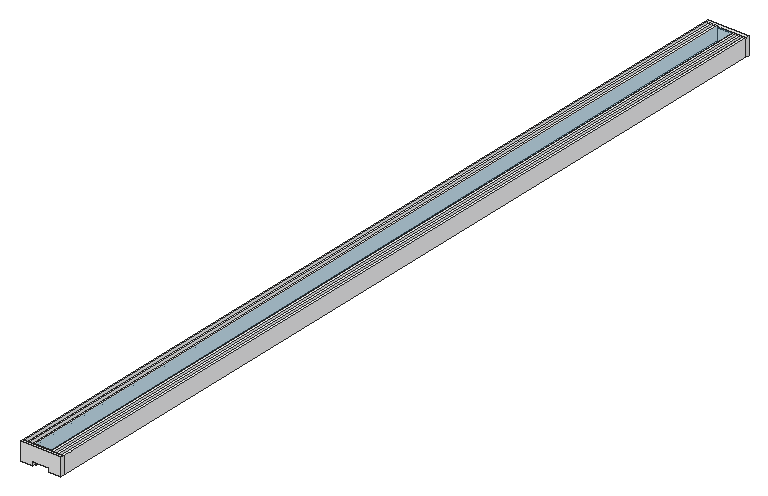
Revit family "LLED-LW-4RF", category Lighting Fixtures, Revit 2017
Family settings
  Round Connector Dimension = Use Diameter
  Part Type = Normal
  OmniClass Number = 23.80.70.00
  OmniClass Title = Lighting
  Work Plane-Based = Yes
  Always vertical = Yes
  Cut with Voids When Loaded = No
  Light Source = Yes
  Shared = No
  Room Calculation Point = No
Parameters (values of type "LLED-LW")
  Wattage = 9.2903 W
  built-in parameter 1150110 = 1 (stored number, unit not read)
  built-in parameter 1114217 = 1 (stored number, unit not read)
  Tilt Angle = 60.00°
  built-in parameter 1150109 = 1 (stored number, unit not read)
  built-in parameter 1150134 = 3
  built-in parameter 1150113 = 1 (stored number, unit not read)
  Photometric Web File = "generic"
  built-in parameter 1150142 = (empty or 0)
  built-in parameter 1150105 = 109.82 (stored number, unit not read)
  Lumens = 1380 lm
  built-in parameter 1150115 = 1 (stored number, unit not read)
  built-in parameter 1150137 = (empty or 0)
  built-in parameter 1150139 = (empty or 0)
  Length = 24.00"
  built-in parameter 1150112 = 1 (stored number, unit not read)
  built-in parameter 1150114 = 1 (stored number, unit not read)
  built-in parameter 1150132 = (empty or 0)
  built-in parameter 1150102 = (empty or 0)
  built-in parameter 1150107 = 3200 (stored number, unit not read)
  built-in parameter 1150138 = (empty or 0)
  built-in parameter 1150106 = 1.0982 (stored number, unit not read)
  Fixture Cap = Fixture Cap
  Fixture = Fixture
  Emit from Line Length = Length  # 24.00"
  built-in parameter 1150104 = 13.8 (stored number, unit not read)
  Dimming Lamp Color Temperature Shift = <None>
  Default Elevation = 48.00"
  Color Filter = 16777215
  built-in parameter 1114218 = 1 (stored number, unit not read)
  built-in parameter 1150133 = 10 (stored number, unit not read)
Reference planes (in)
  plane 1 "Light Source Axis (F/B)": y = 0
  plane 2: z = 0
  plane 3 "Light Source Axis (L/R)": x = 0
  plane 4 "Light Source Elevation": z = 80
  plane 5: y = 12
  plane 6: y = -12
  plane 7: y = 12.08062
  plane 8: y = -12.08063
Forms (in)
  Extrusion 1, solid, material "Fixture" <- "Fixture"
    sketch origin (-0.29883, 0, -0.07812) x (1, 0, 0) y (0, 0, 1)
      loop
        line (0.29883, 0.57812) -> (0.29883, 0.07812) -> (0.66883, 0.07812)
        arc (0.66883, 0.07812) -> (0.6986, 0.09668) -> (0.69506, 0.13158) r 0.03316
        line (0.69506, 0.13158) -> (1.05767, 0.13158)
        arc (1.05767, 0.13158) -> (1.05413, 0.09668) -> (1.0839, 0.07812) r 0.03316
        line (1.0839, 0.07812) -> (1.45021, 0.07812) -> (1.45021, 0.57812) -> (1.3939, 0.57812) -> (1.3939, 0.50687) -> (1.3139, 0.50687) -> (1.3139, 0.57812) -> (1.2539, 0.57812) -> (1.2539, 0.50687) -> (1.1739, 0.50687) -> (1.1739, 0.57812) -> (1.1139, 0.57812) -> (1.1139, 0.19464) -> (0.63883, 0.19464) -> (0.63883, 0.57812) -> (0.57883, 0.57812) -> (0.57883, 0.50687) -> (0.49883, 0.50687) -> (0.49883, 0.57812) -> (0.43883, 0.57812) -> (0.43883, 0.50687) -> (0.35883, 0.50687) -> (0.35883, 0.57812) -> (0.29883, 0.57812)
    from -12 to 12
  Extrusion 2, solid, material "Glass"
    sketch origin (0.10742, 0, 0) x (1, 0, 0) y (0, 0, 1)
      loop
        line (0.23258, 0.5) -> (0.23258, 0.4609) -> (0.70765, 0.4609) -> (0.70765, 0.5) -> (0.23258, 0.5)
    from -12 to 12
  Extrusion 3, solid, material "Fixture Cap" <- "Fixture Cap"
    sketch origin (-0.29883, 4.28688, -0.42187) x (1, 0, 0) y (0, 0, 1)
      loop
        line (0.29883, 0.42187) -> (0.63883, 0.42187) -> (0.63883, 0.52187) -> (1.1139, 0.52187) -> (1.1139, 0.42187) -> (1.45021, 0.42187) -> (1.45021, 0.92187) -> (0.29883, 0.92187) -> (0.29883, 0.42187)
    from 16.3675 to 16.28687
  Extrusion 4, solid, material "Fixture Cap" <- "Fixture Cap"
    sketch origin (-0.29883, -4.28688, -0.42187) x (1, 0, 0) y (0, 0, -1)
      loop
        line (0.29883, -0.42187) -> (0.29883, -0.92187) -> (1.45021, -0.92187) -> (1.45021, -0.42187) -> (1.1139, -0.42187) -> (1.1139, -0.52187) -> (0.63883, -0.52187) -> (0.63883, -0.42187) -> (0.29883, -0.42187)
    from 16.3675 to 16.28688
Dimensions and locks (in)
  equal spacing: plane 5, plane 1 "Light Source Axis (F/B)", plane 6
  "Length": plane 5 to plane 6
  locked: plane 6 to plane 8 at 0.08063
  locked: plane 7 to plane 5 at 0.08062
  Extrusion 3 to Extrusion 3 = 0.50"
  Extrusion 3 to Extrusion 3 = 1.15138"
  aligned and locked: level to plane 2
  aligned and locked: Extrusion 1 to plane 6
  aligned and locked: plane 5 to Extrusion 1
  aligned and locked: plane 5 to Extrusion 2  (x3)
  aligned and locked: Extrusion 2 to plane 6
  aligned and locked: plane 6 to Extrusion 3  (x4)
  aligned and locked: Extrusion 3 to plane 8  (x3)
  aligned and locked: Extrusion 2 to Extrusion 3  (x2)
  aligned and locked: Extrusion 2 to plane 5
  aligned and locked: Extrusion 2 to Extrusion 1
  aligned and locked: plane 8 to Extrusion 3  (x2)
  aligned and locked: Extrusion 3 to plane 6  (x5)
  aligned and locked: Extrusion 1 to Extrusion 3
  aligned and locked: Extrusion 3 to Extrusion 1  (x10)
  aligned and locked: Extrusion 3 to Extrusion 2
  aligned and locked: Extrusion 4 to plane 5
  aligned and locked: plane 5 to Extrusion 4
  aligned and locked: plane 7 to Extrusion 4
  aligned and locked: Extrusion 1 to Extrusion 4
  aligned and locked: Extrusion 2 to Extrusion 4
  aligned and locked: plane 6 to Extrusion 2
Automatic sketch dimensions
  Extrusion 3 sketch curve to level = 0.00"  (x2)
  Extrusion 3 sketch curve to plane 3 "Light Source Axis (L/R)" = 0.00"
  Extrusion 3 sketch curve to Extrusion 3 sketch curve = 0.34"
  Extrusion 3 sketch curve to Extrusion 3 sketch curve = 0.47508"
  Extrusion 3 sketch curve to Extrusion 3 sketch curve = 0.3363"
  level to Extrusion 3 sketch curve = 0.10"
  level to Extrusion 3 sketch curve = 0.50"
  Extrusion 4 sketch curve to level = 0.00"  (x2)
  Extrusion 4 sketch curve to plane 3 "Light Source Axis (L/R)" = 0.00"
  Extrusion 4 sketch curve to Extrusion 4 sketch curve = 0.34"
  Extrusion 4 sketch curve to Extrusion 4 sketch curve = 0.47508"
  Extrusion 4 sketch curve to Extrusion 4 sketch curve = 0.3363"
  level to Extrusion 4 sketch curve = 0.10"
  level to Extrusion 4 sketch curve = 0.50"
  Extrusion 1 sketch curve to level = 0.00"  (x2)
  Extrusion 1 sketch curve to plane 3 "Light Source Axis (L/R)" = 0.00"
  plane 3 "Light Source Axis (L/R)" to Extrusion 1 sketch curve = 0.06"
  Extrusion 1 sketch curve to Extrusion 1 sketch curve = 0.08"  (x4)
  Extrusion 1 sketch curve to Extrusion 1 sketch curve = 0.06"  (x4)
  level to Extrusion 1 sketch curve = 0.11651"
  level to Extrusion 1 sketch curve = 0.03316"
  Extrusion 1 sketch curve to Extrusion 1 sketch curve = 0.03"
  Extrusion 1 sketch curve to Extrusion 1 sketch curve = 0.02623"  (x2)
  Extrusion 1 sketch curve to Extrusion 1 sketch curve = 0.36262"
  Extrusion 1 sketch curve to Extrusion 1 sketch curve = 0.05623"
  Extrusion 1 sketch curve to Extrusion 1 sketch curve = 0.0563"
  Extrusion 1 sketch curve to Extrusion 1 sketch curve = 0.31224"  (x2)
  Extrusion 1 sketch curve to Extrusion 1 sketch curve = 0.00"  (x2)
  Extrusion 1 sketch curve to Extrusion 1 sketch curve = 0.07125"  (x6)
  plane 3 "Light Source Axis (L/R)" to Extrusion 2 sketch curve = 0.34"
  Extrusion 2 sketch curve to Extrusion 2 sketch curve = 0.47508"
  level to Extrusion 2 sketch curve = 0.4609"
  Extrusion 2 sketch curve to Extrusion 2 sketch curve = 0.0391"
